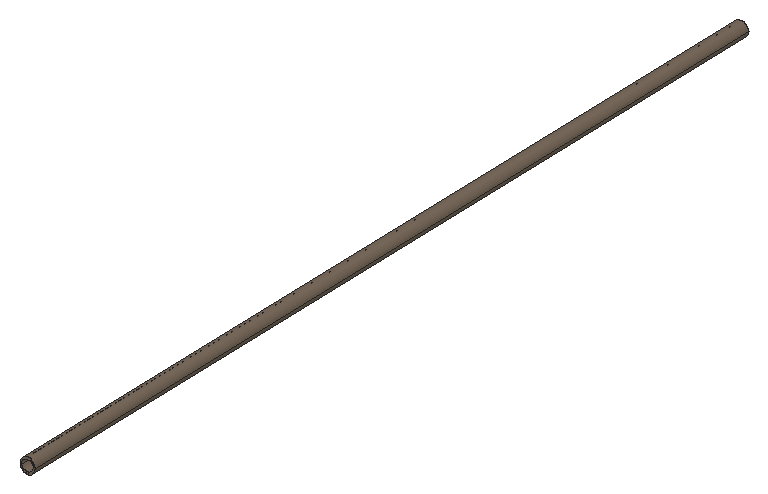
Revit family "111014001025286", category Modelos genéricos, Revit 2018
Family settings
  Puede alojar armadura = No
  Cota de conector redondo = Diámetro de uso
  Tipo de pieza = Normal
  Se basa en plano de trabajo = No
  Siempre vertical = No
  Corte con vacíos al cargar = No
  Compartido = No
  Punto de cálculo de habitación = No
Parameters (values of type "BARRA CLOSET PP C/ACERO 1" CAFE TIRA 1.5MT")
  Ventajas = ""
  Uso = "Se instala en los baños para colgar la cortina de las duchas.\r\nEn el caso de ser instalado en el closet, se utiliza para colgar la ropa"
  Unidad = "Tira 1.50 mts."
  URL = "https://www.empresascnp.cl/"
  Num SKUs = "111014001025286"
  Nombre SKU = "BARRA CLOSET PP C/ACERO 1\" CAFE TIRA 1.5MT"
  Modelo = "BARRA CLOSET PP C/ACERO 1\""
  Material = PP con acero cafe
  Url Ficha tecnica = "https://empresascnp.cl/wp-content/uploads//pdf/ficha-tecnica-barra-bano-pp-c-acero-1-blanco-tira-1-2mt.pdf"
  Largo = 1500.00 mm
  Espesor = 0.00 mm
  Empresa = "CNP SPA."
  Dureza = ""
  Dimension = 23.00 mm
  Descripción = "Barra closet pp c/acero 1\" 1.5M"
  Contacto = "info@empresascnp.cl"
  Color = "Café"
  Aplicacion = "Barra de  cortina para baños y uso en closet."
Reference planes
  plane 1 "Center F/B": y = 0
  plane 2: z = 0
  plane 3 "Center L/R": x = 0
  plane 4: z = 23
  plane 5 "2": y = 750
  plane 6 "3": y = -750
Forms (mm)
  Extrusion 1, solid, material "PP con acero cafe" <- "Material"
    sketch origin (0, 0, 0) x (1, 0, 0) y (0, 0, 1)
      loop
        circle (0, 25.4) r 12.7
      loop
        circle (0, 25.4) r 9.7
    from -750 to 750
Dimensions and locks
  "Dimension": plane 4 to level
  equal spacing: plane 6 "3", plane 1 "Center F/B", plane 5 "2"
  "Largo": plane 6 "3" to plane 5 "2"
  radius of Extrusion 1 sketch curve = 12.70 mm
  aligned and locked: plane 6 "3" to Extrusion 1
  aligned and locked: Extrusion 1 to plane 5 "2"
Automatic sketch dimensions
  Extrusion 1 sketch curve to plane 3 "Center L/R" = 0.00 mm
  level to Extrusion 1 sketch curve = 25.40 mm
  Extrusion 1 sketch curve to Extrusion 1 sketch curve = 0.00 mm  (x2)
  radius of Extrusion 1 sketch curve = 12.70 mm
  radius of Extrusion 1 sketch curve = 9.70 mm
